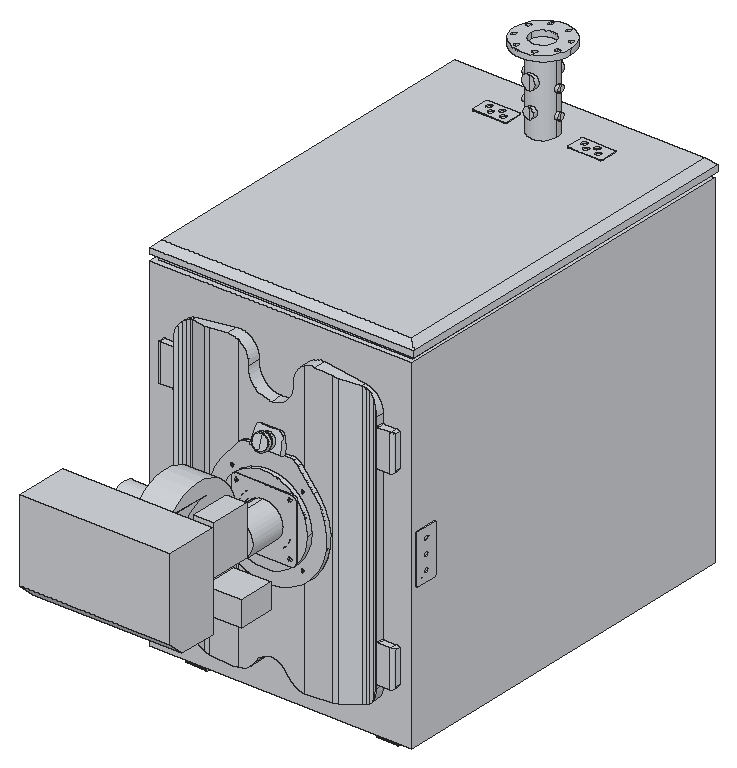
Revit family
Parameters
  Show Burner = yes
  Model = "TS-95-86"
  Manufacturer = "Burnham Commercial Boilers"
  Description = "MPC 8 Boiler"
  Burner = C1-GO-20A_MOD_UL : Low Detail
Reference planes (in)
  plane 1 "Center (Front/Back)": y = 0
  plane 2: z = 0
  plane 3 "Center (Left/Right)": x = 0
  plane 4 "Left": x = -21.14045
  plane 5 "Right": x = 21.18698
  plane 6 "Front": y = -52.42563
  plane 7 "Back": y = 8.46875
  plane 8 "Bottom": z = 1.9975
  plane 9 "Top 1": z = 57.31
  plane 10 "Top 2": z = 60.185
  plane 11 "Top 3": z = 73.625
Forms (in)
  Extrusion 1, solid
    sketch origin (0, 0, 0) x (1, 0, 0) y (0, 1, 0)
      loop
        line (-21.14045, 8.46875) -> (-21.14045, -52.42563) -> (21.18698, -52.42563) -> (21.18698, 8.46875) -> (-21.14045, 8.46875)
    from 57.31 to 60.185
  Sweep 2, void
    path origin (0, 0, 59.75) x (1, 0, 0) y (0, 1, 0)
      loop
        line (-21.14045, -52.42563) -> (21.18698, -52.42563) -> (21.18698, 8.46875) -> (-21.14045, 8.46875) -> (-21.14045, -52.42563)
    profile origin (-21.14045, -21.97844, 59.75) x (-1, 0, 0) y (0, 0, 1)
      loop
        line (0.04673, 0.435) -> (-1.0993, 0.435) -> (0.04673, -0.67171) -> (0.04673, 0.435)
      loop
        line (0.04673, -1.565) -> (-0.85445, -1.565) -> (-0.85445, -2.44) -> (0.04673, -2.44) -> (0.04673, -1.565)
  Extrusion 3, solid
    sketch origin (0, 0, 0) x (1, 0, 0) y (0, 1, 0)
      loop
        circle (0, 0) r 2.285
    from 60.185 to 72.375
  Extrusion 4, solid
    sketch origin (0, 0, 0) x (1, 0, 0) y (0, 1, 0)
      loop
        circle (0, 0) r 4.5
    from 72.745 to 73.625
  Extrusion 5, solid
    sketch origin (0, 0, 0) x (1, 0, 0) y (0, 1, 0)
      loop
        line (-21, 8.26109) -> (-21, -52.42563) -> (21, -52.42563) -> (21, 8.26109) -> (-21, 8.26109)
    from 1.9975 to 57.31
  Extrusion 6, solid
    sketch origin (0, -27.03006, 0) x (0, 1, 0) y (0, 0, 1)
      loop
        line (-22.00296, 1.9975) -> (-22.03008, 1.57834)
        arc (-22.03008, 1.57834) -> (-22.07501, 1.39852) -> (-22.18046, 1.24609) r 0.51709
        line (-22.18046, 1.24609) -> (-22.79508, 0.63147)
        arc (-22.79508, 0.63147) -> (-22.89919, 0.55119) -> (-23.02029, 0.5) r 0.51299
        arc (-23.02029, 0.5) -> (-23.16259, 0.44106) -> (-23.22153, 0.29876) r 0.20124
        line (-23.22153, 0.29876) -> (-23.22153, 0.12275)
        arc (-23.22153, 0.12275) -> (-23.18558, 0.03595) -> (-23.09878, 0) r 0.12275
        line (-23.09878, 0) -> (-18.8952, 0) -> (-18.08816, 1.9975) -> (-22.00296, 1.9975)
    from 13.64682 to 17.0625
  Extrusion 7, solid, not visible
    sketch origin (0, 0, 0) x (0, 1, 0) y (0, 0, 1)
      loop
        line (-22.00296, 1.9975) -> (-22.03008, 1.57834)
        arc (-22.03008, 1.57834) -> (-22.07501, 1.39852) -> (-22.18046, 1.24609) r 0.51709
        line (-22.18046, 1.24609) -> (-22.79508, 0.63147)
        arc (-22.79508, 0.63147) -> (-22.89919, 0.55119) -> (-23.02029, 0.5) r 0.51299
        arc (-23.02029, 0.5) -> (-23.16259, 0.44106) -> (-23.22153, 0.29876) r 0.20124
        line (-23.22153, 0.29876) -> (-23.22153, 0.12275)
        arc (-23.22153, 0.12275) -> (-23.18558, 0.03595) -> (-23.09878, 0) r 0.12275
        line (-23.09878, 0) -> (-18.8952, 0) -> (-18.08816, 1.9975) -> (-22.00296, 1.9975)
    from 13.64682 to 17.0625
  Extrusion 8, solid
    sketch origin (0, -20.42056, 0) x (0, -1, 0) y (0, 0, 1)
      loop
        line (28.61247, 1.9975) -> (24.69766, 1.9975) -> (25.5047, 0) -> (29.70829, 0)
        arc (29.70829, 0) -> (29.79508, 0.03595) -> (29.83103, 0.12275) r 0.12275
        line (29.83103, 0.12275) -> (29.83103, 0.29876)
        arc (29.83103, 0.29876) -> (29.77209, 0.44106) -> (29.62979, 0.5) r 0.20124
        arc (29.62979, 0.5) -> (29.50869, 0.55119) -> (29.40458, 0.63147) r 0.51299
        line (29.40458, 0.63147) -> (28.78996, 1.24609)
        arc (28.78996, 1.24609) -> (28.68451, 1.39852) -> (28.63959, 1.57834) r 0.51709
        line (28.63959, 1.57834) -> (28.61247, 1.9975)
    from 13.64682 to 17.0625
  Extrusion 9, solid
    sketch origin (0, 20.42056, 0) x (0, 1, 0) y (0, 0, 1)
      loop
        line (-18.83816, 1.9975) -> (-22.75296, 1.9975) -> (-21.94592, 0) -> (-17.74234, 0)
        arc (-17.74234, 0) -> (-17.65554, 0.03595) -> (-17.61959, 0.12275) r 0.12275
        line (-17.61959, 0.12275) -> (-17.61959, 0.29876)
        arc (-17.61959, 0.29876) -> (-17.67853, 0.44106) -> (-17.82083, 0.5) r 0.20124
        arc (-17.82083, 0.5) -> (-17.94193, 0.55119) -> (-18.04604, 0.63147) r 0.51299
        line (-18.04604, 0.63147) -> (-18.66067, 1.24609)
        arc (-18.66067, 1.24609) -> (-18.76612, 1.39852) -> (-18.81104, 1.57834) r 0.51709
        line (-18.81104, 1.57834) -> (-18.83816, 1.9975)
    from 13.64682 to 17.0625
  Extrusion 10, solid
    sketch origin (0, -20.42056, 0) x (0, -1, 0) y (0, 0, 1)
      loop
        line (-22.00296, 1.9975) -> (-22.03008, 1.57834)
        arc (-22.03008, 1.57834) -> (-22.07501, 1.39852) -> (-22.18046, 1.24609) r 0.51709
        line (-22.18046, 1.24609) -> (-22.79508, 0.63147)
        arc (-22.79508, 0.63147) -> (-22.89919, 0.55119) -> (-23.02029, 0.5) r 0.51299
        arc (-23.02029, 0.5) -> (-23.16259, 0.44106) -> (-23.22153, 0.29876) r 0.20124
        line (-23.22153, 0.29876) -> (-23.22153, 0.12275)
        arc (-23.22153, 0.12275) -> (-23.18558, 0.03595) -> (-23.09878, 0) r 0.12275
        line (-23.09878, 0) -> (-18.8952, 0) -> (-18.08816, 1.9975) -> (-22.00296, 1.9975)
    from 13.64682 to 17.0625
  Extrusion 11, solid
    sketch origin (0, 67.67854, 0) x (0, 1, 0) y (0, 0, 1)
      loop
        line (-83.49998, 1.9975) -> (-82.73322, 0) -> (-79.73322, 0) -> (-79.04542, 1.9975) -> (-83.49998, 1.9975)
    from 13.64682 to 17.0625
  Extrusion 12, solid, not visible
    sketch origin (0, 67.67854, 0) x (0, 1, 0) y (0, 0, 1)
      loop
        line (-83.49998, 1.9975) -> (-82.73322, 0) -> (-79.73322, 0) -> (-79.04542, 1.9975) -> (-83.49998, 1.9975)
    from 13.64682 to 17.0625
  Extrusion 13, solid
    sketch origin (0, 74.44395, 0) x (0, 1, 0) y (0, 0, 1)
      loop
        line (-83.49998, 1.9975) -> (-82.73322, 0) -> (-79.73322, 0) -> (-79.04542, 1.9975) -> (-83.49998, 1.9975)
    from 13.64682 to 17.0625
  Extrusion 14, solid
    sketch origin (0, -13.53082, 0) x (0, -1, 0) y (0, 0, 1)
      loop
        line (2.29062, 1.9975) -> (-2.16394, 1.9975) -> (-1.47615, 0) -> (1.52385, 0) -> (2.29062, 1.9975)
    from 13.64682 to 17.0625
  Extrusion 15, solid
    sketch origin (0, -6.76541, 0) x (0, -1, 0) y (0, 0, 1)
      loop
        line (2.29062, 1.9975) -> (-2.16394, 1.9975) -> (-1.47615, 0) -> (1.52385, 0) -> (2.29062, 1.9975)
    from 13.64682 to 17.0625
  Extrusion 16, solid
    sketch origin (0, 0, -1.5) x (1, 0, 0) y (0, 1, 0)
      loop
        circle (0, 0) r 2.655
    from 73.875 to 74.245
  Extrusion 17, void
    sketch origin (0, 0, 0) x (1, 0, 0) y (0, 1, 0)
      loop
        circle (0, 0) r 2
    from 60.185 to 73.685
  Extrusion 18, void
    sketch origin (0, 0, 0) x (1, 0, 0) y (0, 1, 0)
      loop
        circle (-1.43525, 3.46364) r 0.37482
    from 72.375 to 73.685
  Extrusion 19, void
    sketch origin (2.87291, 0, 0) x (1, 0, 0) y (0, 1, 0)
      loop
        circle (-1.43525, 3.46364) r 0.37482
    from 72.375 to 73.685
  Extrusion 20, void
    sketch origin (-2.0293, -2.02839, 0) x (1, 0, 0) y (0, 1, 0)
      loop
        circle (-1.43525, 3.46364) r 0.37482
    from 72.375 to 73.685
  Extrusion 21, void
    sketch origin (-2.0293, -4.89852, 0) x (1, 0, 0) y (0, 1, 0)
      loop
        circle (-1.43525, 3.46364) r 0.37482
    from 72.375 to 73.685
  Extrusion 22, void
    sketch origin (0.00018, -6.928, 0) x (1, 0, 0) y (0, 1, 0)
      loop
        circle (-1.43525, 3.46364) r 0.37482
    from 72.375 to 73.685
  Extrusion 23, void
    sketch origin (2.87031, -6.928, 0) x (1, 0, 0) y (0, 1, 0)
      loop
        circle (-1.43525, 3.46364) r 0.37482
    from 72.375 to 73.685
  Extrusion 24, void
    sketch origin (4.8998, -4.89852, 0) x (1, 0, 0) y (0, 1, 0)
      loop
        circle (-1.43525, 3.46364) r 0.37482
    from 72.375 to 73.685
  Extrusion 25, void
    sketch origin (4.8998, -2.02839, 0) x (1, 0, 0) y (0, 1, 0)
      loop
        circle (-1.43525, 3.46364) r 0.37482
    from 72.375 to 73.685
  Extrusion 26, solid
    sketch origin (0, 0, 0) x (1, 0, 0) y (0, 0, 1)
      loop
        circle (0, 29) r 7
    from -10.11351 to -8.26109
  Extrusion 27, solid
    sketch origin (0.00197, -59.60366, 48.99101) x (0, 0, -1) y (-1, 0, 0)
      loop
        circle (0, 0) r 2.285
    from 67.79742 to 72.375
  Extrusion 28, solid
    sketch origin (0.00197, -59.60366, 48.99101) x (0, 0, -1) y (-1, 0, 0)
      loop
        circle (0, 0) r 4.5
    from 72.745 to 73.625
  Extrusion 29, solid
    sketch origin (0.00197, -61.10366, 48.99101) x (0, 0, -1) y (-1, 0, 0)
      loop
        circle (0, 0) r 2.655
    from 73.875 to 74.245
  Extrusion 30, void
    sketch origin (0.00197, -59.60366, 48.99101) x (0, 0, -1) y (-1, 0, 0)
      loop
        circle (0, 0) r 2
    from 67.79742 to 73.685
  Extrusion 31, void
    sketch origin (0.00197, -59.60366, 48.99101) x (0, 0, -1) y (-1, 0, 0)
      loop
        circle (-1.43525, 3.46364) r 0.37482
    from 72.375 to 73.685
  Extrusion 32, void
    sketch origin (0.00197, -59.60366, 46.1181) x (0, 0, -1) y (-1, 0, 0)
      loop
        circle (-1.43525, 3.46364) r 0.37482
    from 72.375 to 73.685
  Extrusion 33, void
    sketch origin (2.03036, -59.60366, 51.02031) x (0, 0, -1) y (-1, 0, 0)
      loop
        circle (-1.43525, 3.46364) r 0.37482
    from 72.375 to 73.685
  Extrusion 34, void
    sketch origin (4.90048, -59.60366, 51.02031) x (0, 0, -1) y (-1, 0, 0)
      loop
        circle (-1.43525, 3.46364) r 0.37482
    from 72.375 to 73.685
  Extrusion 35, void
    sketch origin (6.92997, -59.60366, 48.99082) x (0, 0, -1) y (-1, 0, 0)
      loop
        circle (-1.43525, 3.46364) r 0.37482
    from 72.375 to 73.685
  Extrusion 36, void
    sketch origin (6.92997, -59.60366, 46.1207) x (0, 0, -1) y (-1, 0, 0)
      loop
        circle (-1.43525, 3.46364) r 0.37482
    from 72.375 to 73.685
  Extrusion 37, void
    sketch origin (4.90048, -59.60366, 44.09121) x (0, 0, -1) y (-1, 0, 0)
      loop
        circle (-1.43525, 3.46364) r 0.37482
    from 72.375 to 73.685
  Extrusion 38, void
    sketch origin (2.03036, -59.60366, 44.09121) x (0, 0, -1) y (-1, 0, 0)
      loop
        circle (-1.43525, 3.46364) r 0.37482
    from 72.375 to 73.685
  Extrusion 39, solid, not visible
    sketch origin (34, 0, 0) x (1, 0, 0) y (0, 1, 0)
      loop
        circle (0, 0) r 2.285
    from 67.79742 to 72.375
  Extrusion 40, solid, not visible
    sketch origin (34, 0, 0) x (1, 0, 0) y (0, 1, 0)
      loop
        circle (0, 0) r 4.5
    from 72.745 to 73.625
  Extrusion 41, solid, not visible
    sketch origin (34, 0, -1.5) x (1, 0, 0) y (0, 1, 0)
      loop
        circle (0, 0) r 2.655
    from 73.875 to 74.245
  Extrusion 42, void, not visible
    sketch origin (34, 0, 0) x (1, 0, 0) y (0, 1, 0)
      loop
        circle (0, 0) r 2
    from 67.79742 to 73.685
  Extrusion 43, void, not visible
    sketch origin (34, 0, 0) x (1, 0, 0) y (0, 1, 0)
      loop
        circle (-1.43525, 3.46364) r 0.37482
    from 72.375 to 73.685
  Extrusion 44, void, not visible
    sketch origin (36.87291, 0, 0) x (1, 0, 0) y (0, 1, 0)
      loop
        circle (-1.43525, 3.46364) r 0.37482
    from 72.375 to 73.685
  Extrusion 45, void, not visible
    sketch origin (31.9707, -2.02839, 0) x (1, 0, 0) y (0, 1, 0)
      loop
        circle (-1.43525, 3.46364) r 0.37482
    from 72.375 to 73.685
  Extrusion 46, void, not visible
    sketch origin (31.9707, -4.89852, 0) x (1, 0, 0) y (0, 1, 0)
      loop
        circle (-1.43525, 3.46364) r 0.37482
    from 72.375 to 73.685
  Extrusion 47, void, not visible
    sketch origin (34.00018, -6.928, 0) x (1, 0, 0) y (0, 1, 0)
      loop
        circle (-1.43525, 3.46364) r 0.37482
    from 72.375 to 73.685
  Extrusion 48, void, not visible
    sketch origin (36.87031, -6.928, 0) x (1, 0, 0) y (0, 1, 0)
      loop
        circle (-1.43525, 3.46364) r 0.37482
    from 72.375 to 73.685
  Extrusion 49, void, not visible
    sketch origin (38.8998, -4.89852, 0) x (1, 0, 0) y (0, 1, 0)
      loop
        circle (-1.43525, 3.46364) r 0.37482
    from 72.375 to 73.685
  Extrusion 50, void, not visible
    sketch origin (38.8998, -2.02839, 0) x (1, 0, 0) y (0, 1, 0)
      loop
        circle (-1.43525, 3.46364) r 0.37482
    from 72.375 to 73.685
  Revolve 51, solid
    sketch origin (0, 0, 0) x (0, 1, 0) y (0, 0, 1)
      loop
        line (8.60476, 7.34993) -> (8.26109, 7.34993) -> (8.26109, 7.24947) -> (8.60476, 7.24947) -> (8.60476, 7.34993)
      axis (8.60476, 5.65946) -> (8.26109, 5.65946)
    angle from 0 to 360
  Revolve 52, solid
    sketch origin (0, 0, 0) x (0, 1, 0) y (0, 0, 1)
      loop
        line (9.8257, 51.27691) -> (9.8257, 52.26618) -> (9.3342, 52.26618) -> (9.3342, 52.03856) -> (9.4267, 52.03856) -> (9.4267, 51.86382) -> (9.28848, 51.86382) -> (9.28848, 51.27691) -> (9.8257, 51.27691)
      axis (9.8257, 52.26618) -> (9.8257, 51.27691)
    angle from 0 to 360
  Revolve 53, solid, not visible
    sketch origin (82.99101, 0.00197, 59.60366) x (0, 0, 1) y (-1, 0, 0)
      loop
        line (9.8257, 51.27691) -> (9.8257, 52.26618) -> (9.3342, 52.26618) -> (9.3342, 52.03856) -> (9.4267, 52.03856) -> (9.4267, 51.86382) -> (9.28848, 51.86382) -> (9.28848, 51.27691) -> (9.8257, 51.27691)
      axis (9.8257, 52.26618) -> (9.8257, 51.27691)
    angle from 0 to 360
  Revolve 54, solid
    sketch origin (0, 0, 97.97165) x (0, 1, 0) y (0, 0, -1)
      loop
        line (9.8257, 51.27691) -> (9.8257, 52.26618) -> (9.3342, 52.26618) -> (9.3342, 52.03856) -> (9.4267, 52.03856) -> (9.4267, 51.86382) -> (9.28848, 51.86382) -> (9.28848, 51.27691) -> (9.8257, 51.27691)
      axis (9.8257, 52.26618) -> (9.8257, 51.27691)
    angle from 0 to 360
  Revolve 55, solid, not visible
    sketch origin (-14.98064, 0.00197, 59.60366) x (0, 0, 1) y (-1, 0, 0)
      loop
        line (9.8257, -51.27691) -> (9.28848, -51.27691) -> (9.28848, -51.86382) -> (9.4267, -51.86382) -> (9.4267, -52.03856) -> (9.3342, -52.03856) -> (9.3342, -52.26618) -> (9.8257, -52.26618) -> (9.8257, -51.27691)
      axis (9.8257, -52.26618) -> (9.8257, -51.27691)
    angle from 0 to 360
  Revolve 56, solid
    sketch origin (-49.39118, 0, 77.29947) x (0, 0, -1) y (1, 0, 0)
      loop
        line (9.98626, 51.64118) -> (9.98626, 52.26618) -> (9.43845, 52.26618) -> (9.43845, 51.64118) -> (9.98626, 51.64118)
      axis (9.98626, 52.26618) -> (9.98626, 51.64118)
    angle from 0 to 360
  Extrusion 57, solid, not visible
    sketch origin (0, 0, 0) x (1, 0, 0) y (0, 1, 0)
      loop
        circle (0, 0) r 2.285
    from 60.185 to 72.375
  Extrusion 58, solid, not visible
    sketch origin (0, 0, 0) x (1, 0, 0) y (0, 1, 0)
      loop
        circle (0, 0) r 4.5
    from 72.745 to 73.625
  Extrusion 59, solid, not visible
    sketch origin (0, 0, -1.5) x (1, 0, 0) y (0, 1, 0)
      loop
        circle (0, 0) r 2.655
    from 73.875 to 74.245
  Extrusion 60, void, not visible
    sketch origin (0, 0, 0) x (1, 0, 0) y (0, 1, 0)
      loop
        circle (0, 0) r 2
    from 60.185 to 73.685
  Extrusion 61, void, not visible
    sketch origin (0, 0, 0) x (1, 0, 0) y (0, 1, 0)
      loop
        circle (-1.43525, 3.46364) r 0.37482
    from 72.375 to 73.685
  Extrusion 62, void, not visible
    sketch origin (2.87291, 0, 0) x (1, 0, 0) y (0, 1, 0)
      loop
        circle (-1.43525, 3.46364) r 0.37482
    from 72.375 to 73.685
  Extrusion 63, void, not visible
    sketch origin (-2.0293, -2.02839, 0) x (1, 0, 0) y (0, 1, 0)
      loop
        circle (-1.43525, 3.46364) r 0.37482
    from 72.375 to 73.685
  Extrusion 64, void, not visible
    sketch origin (-2.0293, -4.89852, 0) x (1, 0, 0) y (0, 1, 0)
      loop
        circle (-1.43525, 3.46364) r 0.37482
    from 72.375 to 73.685
  Extrusion 65, void, not visible
    sketch origin (0.00018, -6.928, 0) x (1, 0, 0) y (0, 1, 0)
      loop
        circle (-1.43525, 3.46364) r 0.37482
    from 72.375 to 73.685
  Extrusion 66, void, not visible
    sketch origin (2.87031, -6.928, 0) x (1, 0, 0) y (0, 1, 0)
      loop
        circle (-1.43525, 3.46364) r 0.37482
    from 72.375 to 73.685
  Extrusion 67, void, not visible
    sketch origin (4.8998, -4.89852, 0) x (1, 0, 0) y (0, 1, 0)
      loop
        circle (-1.43525, 3.46364) r 0.37482
    from 72.375 to 73.685
  Extrusion 68, void, not visible
    sketch origin (4.8998, -2.02839, 0) x (1, 0, 0) y (0, 1, 0)
      loop
        circle (-1.43525, 3.46364) r 0.37482
    from 72.375 to 73.685
  Revolve 69, solid, not visible
    sketch origin (-49.39118, 0, 77.29947) x (0, 0, -1) y (1, 0, 0)
      loop
        line (9.98626, 51.64118) -> (9.98626, 52.26618) -> (9.43845, 52.26618) -> (9.43845, 51.64118) -> (9.98626, 51.64118)
      axis (9.98626, 52.26618) -> (9.98626, 51.64118)
    angle from 0 to 360
  Revolve 70, solid
    sketch origin (-49.39118, 0, 73.31678) x (0, 0, -1) y (1, 0, 0)
      loop
        line (9.98626, 51.64118) -> (9.98626, 52.26618) -> (9.43845, 52.26618) -> (9.43845, 51.64118) -> (9.98626, 51.64118)
      axis (9.98626, 52.26618) -> (9.98626, 51.64118)
    angle from 0 to 360
  Revolve 71, solid
    sketch origin (49.39118, 0, 78.04947) x (0, 0, -1) y (1, 0, 0)
      loop
        line (9.98626, -51.64118) -> (9.43845, -51.64118) -> (9.43845, -52.26618) -> (9.98626, -52.26618) -> (9.98626, -51.64118)
      axis (9.98626, -52.26618) -> (9.98626, -51.64118)
    angle from 0 to 360
  Revolve 72, solid
    sketch origin (49.39118, 0, 74.08072) x (0, 0, -1) y (1, 0, 0)
      loop
        line (9.98626, -51.64118) -> (9.43845, -51.64118) -> (9.43845, -52.26618) -> (9.98626, -52.26618) -> (9.98626, -51.64118)
      axis (9.98626, -52.26618) -> (9.98626, -51.64118)
    angle from 0 to 360
  Revolve 73, solid, not visible
    sketch origin (-49.39118, 0, 73.31678) x (0, 0, -1) y (1, 0, 0)
      loop
        line (9.98626, 51.64118) -> (9.98626, 52.26618) -> (9.43845, 52.26618) -> (9.43845, 51.64118) -> (9.98626, 51.64118)
      axis (9.98626, 52.26618) -> (9.98626, 51.64118)
    angle from 0 to 360
  Revolve 74, solid, not visible
    sketch origin (49.39118, 0, 78.04947) x (0, 0, -1) y (1, 0, 0)
      loop
        line (9.98626, -51.64118) -> (9.43845, -51.64118) -> (9.43845, -52.26618) -> (9.98626, -52.26618) -> (9.98626, -51.64118)
      axis (9.98626, -52.26618) -> (9.98626, -51.64118)
    angle from 0 to 360
  Revolve 75, solid, not visible
    sketch origin (49.39118, 0, 74.08072) x (0, 0, -1) y (1, 0, 0)
      loop
        line (9.98626, -51.64118) -> (9.43845, -51.64118) -> (9.43845, -52.26618) -> (9.98626, -52.26618) -> (9.98626, -51.64118)
      axis (9.98626, -52.26618) -> (9.98626, -51.64118)
    angle from 0 to 360
  Revolve 76, solid
    sketch origin (0, 0, 0) x (0, 1, 0) y (0, 0, 1)
      loop
        line (-2.87887, 68.49557) -> (-2.25302, 68.49557) -> (-2.25302, 69.60206) -> (-2.87887, 69.60206) -> (-2.87887, 68.49557)
      axis (-2.87887, 68.49557) -> (-2.25302, 68.49557)
    angle from 0 to 360
  Revolve 77, solid
    sketch origin (0, 0, 0) x (0, -1, 0) y (0, 0, 1)
      loop
        line (-2.87887, 68.49557) -> (-2.25302, 68.49557) -> (-2.25302, 69.60206) -> (-2.87887, 69.60206) -> (-2.87887, 68.49557)
      axis (-2.87887, 68.49557) -> (-2.25302, 68.49557)
    angle from 0 to 360
  Revolve 78, solid
    sketch origin (0, 0, 0) x (0, 1, 0) y (0, 0, 1)
      loop
        line (2.87887, 65.35057) -> (2.2777, 65.35057) -> (2.2777, 64.81335) -> (2.87887, 64.81335) -> (2.87887, 65.35057)
      axis (2.87887, 64.81335) -> (2.2777, 64.81335)
    angle from 0 to 360
  Revolve 79, solid
    sketch origin (0, 0, -0.75) x (0, -1, 0) y (0, 0, 1)
      loop
        line (2.87887, 65.65709) -> (2.2777, 65.65709) -> (2.2777, 64.81335) -> (2.87887, 64.81335) -> (2.87887, 65.65709)
      axis (2.87887, 64.81335) -> (2.2777, 64.81335)
    angle from 0 to 360
  Revolve 80, solid, not visible
    sketch origin (0, 0, 0) x (0, 1, 0) y (0, 0, 1)
      loop
        line (-2.87887, 68.49557) -> (-2.25302, 68.49557) -> (-2.25302, 69.60206) -> (-2.87887, 69.60206) -> (-2.87887, 68.49557)
      axis (-2.87887, 68.49557) -> (-2.25302, 68.49557)
    angle from 0 to 360
  Revolve 81, solid, not visible
    sketch origin (0, 0, 0) x (0, -1, 0) y (0, 0, 1)
      loop
        line (-2.87887, 68.49557) -> (-2.25302, 68.49557) -> (-2.25302, 69.60206) -> (-2.87887, 69.60206) -> (-2.87887, 68.49557)
      axis (-2.87887, 68.49557) -> (-2.25302, 68.49557)
    angle from 0 to 360
  Revolve 82, solid, not visible
    sketch origin (0, 0, 0) x (0, 1, 0) y (0, 0, 1)
      loop
        line (2.87887, 65.35057) -> (2.2777, 65.35057) -> (2.2777, 64.81335) -> (2.87887, 64.81335) -> (2.87887, 65.35057)
      axis (2.87887, 64.81335) -> (2.2777, 64.81335)
    angle from 0 to 360
  Revolve 83, solid, not visible
    sketch origin (0, 0, -0.75) x (0, -1, 0) y (0, 0, 1)
      loop
        line (2.87887, 65.65709) -> (2.2777, 65.65709) -> (2.2777, 64.81335) -> (2.87887, 64.81335) -> (2.87887, 65.65709)
      axis (2.87887, 64.81335) -> (2.2777, 64.81335)
    angle from 0 to 360
  Extrusion 84, solid
    sketch origin (0, 0, 0) x (1, 0, 0) y (0, 0, 1)
      loop
        line (12.03125, 12.78125) -> (5.03125, 12.78125)
        arc (5.03125, 12.78125) -> (4.12527, 12.40598) -> (3.75, 11.5) r 1.28125
        line (3.75, 11.5) -> (3.75, 11.3382)
        spline (3.75, 11.3382) -> (3.74852, 11.31103) -> (3.74409, 11.28419) -> (3.73678, 11.25799) -> (3.72665, 11.23276) -> (3.71384, 11.20879) -> (3.6985, 11.18635) -> (3.6808, 11.16573) -> (3.66096, 11.14715) -> (3.6392, 11.13084) -> (3.6158, 11.11699) -> (3.59102, 11.10577) -> (3.56516, 11.09731)
        line (3.56516, 11.09731) -> (3.06117, 10.96226)
        spline (3.06117, 10.96226) -> (3.04824, 10.95803) -> (3.03585, 10.95242) -> (3.02415, 10.9455) -> (3.01327, 10.93734) -> (3.00335, 10.92805) -> (2.9945, 10.91774) -> (2.98683, 10.90652) -> (2.98042, 10.89454) -> (2.97536, 10.88192) -> (2.9717, 10.86882) -> (2.96949, 10.8554) -> (2.96875, 10.84182)
        line (2.96875, 10.84182) -> (2.96875, 10.68727)
        spline (2.96875, 10.68727) -> (2.96981, 10.67095) -> (2.97298, 10.65492) -> (2.9782, 10.63945) -> (2.98539, 10.62482) -> (2.99441, 10.61125) -> (3.00513, 10.59899) -> (3.01735, 10.58824) -> (3.03088, 10.57919) -> (3.04547, 10.57198) -> (3.06089, 10.56674) -> (3.07687, 10.56356) -> (3.09314, 10.5625)
        line (3.09314, 10.5625) -> (3.4375, 10.5625)
        arc (3.4375, 10.5625) -> (3.625, 10.375) -> (3.4375, 10.1875) r 0.1875
        line (3.4375, 10.1875) -> (3.09314, 10.1875)
        spline (3.09314, 10.1875) -> (3.07687, 10.18643) -> (3.06089, 10.18326) -> (3.04547, 10.17802) -> (3.03088, 10.17081) -> (3.01735, 10.16176) -> (3.00513, 10.15101) -> (2.99441, 10.13875) -> (2.98539, 10.12518) -> (2.9782, 10.11054) -> (2.97298, 10.09508) -> (2.96981, 10.07905) -> (2.96875, 10.06273)
        line (2.96875, 10.06273) -> (2.96875, 9.90818)
        spline (2.96875, 9.90818) -> (2.96949, 9.8946) -> (2.9717, 9.88117) -> (2.97536, 9.86808) -> (2.98042, 9.85546) -> (2.98683, 9.84348) -> (2.9945, 9.83226) -> (3.00335, 9.82195) -> (3.01327, 9.81266) -> (3.02415, 9.8045) -> (3.03585, 9.79758) -> (3.04824, 9.79197) -> (3.06117, 9.78773)
        line (3.06117, 9.78773) -> (3.57377, 9.65038)
        arc (3.57377, 9.65038) -> (3.69875, 9.57159) -> (3.75721, 9.43592) r 0.24939
        arc (3.75721, 9.43592) -> (4.03223, 8.76945) -> (4.62358, 8.35701) r 1.28125
        arc (4.62358, 8.35701) -> (8.53125, 7.71875) -> (12.43892, 8.35701) r 12.28125
        arc (12.43892, 8.35701) -> (13.03027, 8.76945) -> (13.30529, 9.43592) r 1.28125
        arc (13.30529, 9.43592) -> (13.36375, 9.57159) -> (13.48873, 9.65038) r 0.24939
        line (13.48873, 9.65038) -> (14.00133, 9.78773)
        spline (14.00133, 9.78773) -> (14.01426, 9.79197) -> (14.02665, 9.79758) -> (14.03835, 9.8045) -> (14.04923, 9.81266) -> (14.05915, 9.82195) -> (14.068, 9.83226) -> (14.07567, 9.84348) -> (14.08208, 9.85546) -> (14.08714, 9.86808) -> (14.0908, 9.88117) -> (14.09301, 9.8946) -> (14.09375, 9.90818)
        line (14.09375, 9.90818) -> (14.09375, 10.06273)
        spline (14.09375, 10.06273) -> (14.09269, 10.07905) -> (14.08952, 10.09508) -> (14.0843, 10.11054) -> (14.07711, 10.12518) -> (14.06809, 10.13875) -> (14.05737, 10.15101) -> (14.04515, 10.16176) -> (14.03162, 10.17081) -> (14.01703, 10.17802) -> (14.00161, 10.18326) -> (13.98563, 10.18643) -> (13.96936, 10.1875)
        line (13.96936, 10.1875) -> (13.625, 10.1875)
        arc (13.625, 10.1875) -> (13.4375, 10.375) -> (13.625, 10.5625) r 0.1875
        line (13.625, 10.5625) -> (13.96936, 10.5625)
        spline (13.96936, 10.5625) -> (13.98563, 10.56356) -> (14.00161, 10.56674) -> (14.01703, 10.57198) -> (14.03162, 10.57919) -> (14.04515, 10.58824) -> (14.05737, 10.59899) -> (14.06809, 10.61125) -> (14.07711, 10.62482) -> (14.0843, 10.63945) -> (14.08952, 10.65492) -> (14.09269, 10.67095) -> (14.09375, 10.68727)
        line (14.09375, 10.68727) -> (14.09375, 10.84182)
        spline (14.09375, 10.84182) -> (14.09301, 10.8554) -> (14.0908, 10.86882) -> (14.08714, 10.88192) -> (14.08208, 10.89454) -> (14.07567, 10.90652) -> (14.068, 10.91774) -> (14.05915, 10.92805) -> (14.04923, 10.93734) -> (14.03835, 10.9455) -> (14.02665, 10.95242) -> (14.01426, 10.95803) -> (14.00133, 10.96226)
        line (14.00133, 10.96226) -> (13.49734, 11.09731)
        spline (13.49734, 11.09731) -> (13.47148, 11.10577) -> (13.4467, 11.11699) -> (13.4233, 11.13084) -> (13.40154, 11.14715) -> (13.3817, 11.16573) -> (13.364, 11.18635) -> (13.34866, 11.20879) -> (13.33585, 11.23276) -> (13.32572, 11.25799) -> (13.31841, 11.28419) -> (13.31398, 11.31103) -> (13.3125, 11.3382)
        line (13.3125, 11.3382) -> (13.3125, 11.5)
        arc (13.3125, 11.5) -> (12.93723, 12.40598) -> (12.03125, 12.78125) r 1.28125
    from -8.86762 to -8.19376
  Blend 85, solid
    base sketch origin (0, 0, -0.07812) x (1, 0, 0) y (0, 0, 1)
      loop
        line (9.99103, 10.65524) -> (7.07147, 10.65524) -> (7.07147, 10.09476) -> (9.99103, 10.09476) -> (9.99103, 10.65524)
    top sketch origin (0, 0, -0.07812) x (1, 0, 0) y (0, 0, 1)
      loop
        line (9.33942, 10.47078) -> (7.72308, 10.47078) -> (7.72308, 10.27922) -> (9.33942, 10.27922) -> (9.33942, 10.47078)
    from -8.86762 to -9.86762
  Extrusion 86, solid, not visible
    sketch origin (0, 0, 0) x (1, 0, 0) y (0, 0, 1)
      loop
        line (12.03125, 12.78125) -> (5.03125, 12.78125)
        arc (5.03125, 12.78125) -> (4.12527, 12.40598) -> (3.75, 11.5) r 1.28125
        line (3.75, 11.5) -> (3.75, 11.3382)
        spline (3.75, 11.3382) -> (3.74852, 11.31103) -> (3.74409, 11.28419) -> (3.73678, 11.25799) -> (3.72665, 11.23276) -> (3.71384, 11.20879) -> (3.6985, 11.18635) -> (3.6808, 11.16573) -> (3.66096, 11.14715) -> (3.6392, 11.13084) -> (3.6158, 11.11699) -> (3.59102, 11.10577) -> (3.56516, 11.09731)
        line (3.56516, 11.09731) -> (3.06117, 10.96226)
        spline (3.06117, 10.96226) -> (3.04824, 10.95803) -> (3.03585, 10.95242) -> (3.02415, 10.9455) -> (3.01327, 10.93734) -> (3.00335, 10.92805) -> (2.9945, 10.91774) -> (2.98683, 10.90652) -> (2.98042, 10.89454) -> (2.97536, 10.88192) -> (2.9717, 10.86882) -> (2.96949, 10.8554) -> (2.96875, 10.84182)
        line (2.96875, 10.84182) -> (2.96875, 10.68727)
        spline (2.96875, 10.68727) -> (2.96981, 10.67095) -> (2.97298, 10.65492) -> (2.9782, 10.63945) -> (2.98539, 10.62482) -> (2.99441, 10.61125) -> (3.00513, 10.59899) -> (3.01735, 10.58824) -> (3.03088, 10.57919) -> (3.04547, 10.57198) -> (3.06089, 10.56674) -> (3.07687, 10.56356) -> (3.09314, 10.5625)
        line (3.09314, 10.5625) -> (3.4375, 10.5625)
        arc (3.4375, 10.5625) -> (3.625, 10.375) -> (3.4375, 10.1875) r 0.1875
        line (3.4375, 10.1875) -> (3.09314, 10.1875)
        spline (3.09314, 10.1875) -> (3.07687, 10.18643) -> (3.06089, 10.18326) -> (3.04547, 10.17802) -> (3.03088, 10.17081) -> (3.01735, 10.16176) -> (3.00513, 10.15101) -> (2.99441, 10.13875) -> (2.98539, 10.12518) -> (2.9782, 10.11054) -> (2.97298, 10.09508) -> (2.96981, 10.07905) -> (2.96875, 10.06273)
        line (2.96875, 10.06273) -> (2.96875, 9.90818)
        spline (2.96875, 9.90818) -> (2.96949, 9.8946) -> (2.9717, 9.88117) -> (2.97536, 9.86808) -> (2.98042, 9.85546) -> (2.98683, 9.84348) -> (2.9945, 9.83226) -> (3.00335, 9.82195) -> (3.01327, 9.81266) -> (3.02415, 9.8045) -> (3.03585, 9.79758) -> (3.04824, 9.79197) -> (3.06117, 9.78773)
        line (3.06117, 9.78773) -> (3.57377, 9.65038)
        arc (3.57377, 9.65038) -> (3.69875, 9.57159) -> (3.75721, 9.43592) r 0.24939
        arc (3.75721, 9.43592) -> (4.03223, 8.76945) -> (4.62358, 8.35701) r 1.28125
        arc (4.62358, 8.35701) -> (8.53125, 7.71875) -> (12.43892, 8.35701) r 12.28125
        arc (12.43892, 8.35701) -> (13.03027, 8.76945) -> (13.30529, 9.43592) r 1.28125
        arc (13.30529, 9.43592) -> (13.36375, 9.57159) -> (13.48873, 9.65038) r 0.24939
        line (13.48873, 9.65038) -> (14.00133, 9.78773)
        spline (14.00133, 9.78773) -> (14.01426, 9.79197) -> (14.02665, 9.79758) -> (14.03835, 9.8045) -> (14.04923, 9.81266) -> (14.05915, 9.82195) -> (14.068, 9.83226) -> (14.07567, 9.84348) -> (14.08208, 9.85546) -> (14.08714, 9.86808) -> (14.0908, 9.88117) -> (14.09301, 9.8946) -> (14.09375, 9.90818)
        line (14.09375, 9.90818) -> (14.09375, 10.06273)
        spline (14.09375, 10.06273) -> (14.09269, 10.07905) -> (14.08952, 10.09508) -> (14.0843, 10.11054) -> (14.07711, 10.12518) -> (14.06809, 10.13875) -> (14.05737, 10.15101) -> (14.04515, 10.16176) -> (14.03162, 10.17081) -> (14.01703, 10.17802) -> (14.00161, 10.18326) -> (13.98563, 10.18643) -> (13.96936, 10.1875)
        line (13.96936, 10.1875) -> (13.625, 10.1875)
        arc (13.625, 10.1875) -> (13.4375, 10.375) -> (13.625, 10.5625) r 0.1875
        line (13.625, 10.5625) -> (13.96936, 10.5625)
        spline (13.96936, 10.5625) -> (13.98563, 10.56356) -> (14.00161, 10.56674) -> (14.01703, 10.57198) -> (14.03162, 10.57919) -> (14.04515, 10.58824) -> (14.05737, 10.59899) -> (14.06809, 10.61125) -> (14.07711, 10.62482) -> (14.0843, 10.63945) -> (14.08952, 10.65492) -> (14.09269, 10.67095) -> (14.09375, 10.68727)
        line (14.09375, 10.68727) -> (14.09375, 10.84182)
        spline (14.09375, 10.84182) -> (14.09301, 10.8554) -> (14.0908, 10.86882) -> (14.08714, 10.88192) -> (14.08208, 10.89454) -> (14.07567, 10.90652) -> (14.068, 10.91774) -> (14.05915, 10.92805) -> (14.04923, 10.93734) -> (14.03835, 10.9455) -> (14.02665, 10.95242) -> (14.01426, 10.95803) -> (14.00133, 10.96226)
        line (14.00133, 10.96226) -> (13.49734, 11.09731)
        spline (13.49734, 11.09731) -> (13.47148, 11.10577) -> (13.4467, 11.11699) -> (13.4233, 11.13084) -> (13.40154, 11.14715) -> (13.3817, 11.16573) -> (13.364, 11.18635) -> (13.34866, 11.20879) -> (13.33585, 11.23276) -> (13.32572, 11.25799) -> (13.31841, 11.28419) -> (13.31398, 11.31103) -> (13.3125, 11.3382)
        line (13.3125, 11.3382) -> (13.3125, 11.5)
        arc (13.3125, 11.5) -> (12.93723, 12.40598) -> (12.03125, 12.78125) r 1.28125
    from -8.86762 to -8.19376
  Blend 87, solid, not visible
    base sketch origin (0, 0, -0.07812) x (1, 0, 0) y (0, 0, 1)
      loop
        line (9.99103, 10.65524) -> (7.07147, 10.65524) -> (7.07147, 10.09476) -> (9.99103, 10.09476) -> (9.99103, 10.65524)
    top sketch origin (0, 0, -0.07812) x (1, 0, 0) y (0, 0, 1)
      loop
        line (9.33942, 10.47078) -> (7.72308, 10.47078) -> (7.72308, 10.27922) -> (9.33942, 10.27922) -> (9.33942, 10.47078)
    from -8.86762 to -9.86762
  Extrusion 88, solid
    sketch origin (-17.0625, 0, 0) x (1, 0, 0) y (0, 0, 1)
      loop
        line (12.03125, 12.78125) -> (5.03125, 12.78125)
        arc (5.03125, 12.78125) -> (4.12527, 12.40598) -> (3.75, 11.5) r 1.28125
        line (3.75, 11.5) -> (3.75, 11.3382)
        spline (3.75, 11.3382) -> (3.74852, 11.31103) -> (3.74409, 11.28419) -> (3.73678, 11.25799) -> (3.72665, 11.23276) -> (3.71384, 11.20879) -> (3.6985, 11.18635) -> (3.6808, 11.16573) -> (3.66096, 11.14715) -> (3.6392, 11.13084) -> (3.6158, 11.11699) -> (3.59102, 11.10577) -> (3.56516, 11.09731)
        line (3.56516, 11.09731) -> (3.06117, 10.96226)
        spline (3.06117, 10.96226) -> (3.04824, 10.95803) -> (3.03585, 10.95242) -> (3.02415, 10.9455) -> (3.01327, 10.93734) -> (3.00335, 10.92805) -> (2.9945, 10.91774) -> (2.98683, 10.90652) -> (2.98042, 10.89454) -> (2.97536, 10.88192) -> (2.9717, 10.86882) -> (2.96949, 10.8554) -> (2.96875, 10.84182)
        line (2.96875, 10.84182) -> (2.96875, 10.68727)
        spline (2.96875, 10.68727) -> (2.96981, 10.67095) -> (2.97298, 10.65492) -> (2.9782, 10.63945) -> (2.98539, 10.62482) -> (2.99441, 10.61125) -> (3.00513, 10.59899) -> (3.01735, 10.58824) -> (3.03088, 10.57919) -> (3.04547, 10.57198) -> (3.06089, 10.56674) -> (3.07687, 10.56356) -> (3.09314, 10.5625)
        line (3.09314, 10.5625) -> (3.4375, 10.5625)
        arc (3.4375, 10.5625) -> (3.625, 10.375) -> (3.4375, 10.1875) r 0.1875
        line (3.4375, 10.1875) -> (3.09314, 10.1875)
        spline (3.09314, 10.1875) -> (3.07687, 10.18643) -> (3.06089, 10.18326) -> (3.04547, 10.17802) -> (3.03088, 10.17081) -> (3.01735, 10.16176) -> (3.00513, 10.15101) -> (2.99441, 10.13875) -> (2.98539, 10.12518) -> (2.9782, 10.11054) -> (2.97298, 10.09508) -> (2.96981, 10.07905) -> (2.96875, 10.06273)
        line (2.96875, 10.06273) -> (2.96875, 9.90818)
        spline (2.96875, 9.90818) -> (2.96949, 9.8946) -> (2.9717, 9.88117) -> (2.97536, 9.86808) -> (2.98042, 9.85546) -> (2.98683, 9.84348) -> (2.9945, 9.83226) -> (3.00335, 9.82195) -> (3.01327, 9.81266) -> (3.02415, 9.8045) -> (3.03585, 9.79758) -> (3.04824, 9.79197) -> (3.06117, 9.78773)
        line (3.06117, 9.78773) -> (3.57377, 9.65038)
        arc (3.57377, 9.65038) -> (3.69875, 9.57159) -> (3.75721, 9.43592) r 0.24939
        arc (3.75721, 9.43592) -> (4.03223, 8.76945) -> (4.62358, 8.35701) r 1.28125
        arc (4.62358, 8.35701) -> (8.53125, 7.71875) -> (12.43892, 8.35701) r 12.28125
        arc (12.43892, 8.35701) -> (13.03027, 8.76945) -> (13.30529, 9.43592) r 1.28125
        arc (13.30529, 9.43592) -> (13.36375, 9.57159) -> (13.48873, 9.65038) r 0.24939
        line (13.48873, 9.65038) -> (14.00133, 9.78773)
        spline (14.00133, 9.78773) -> (14.01426, 9.79197) -> (14.02665, 9.79758) -> (14.03835, 9.8045) -> (14.04923, 9.81266) -> (14.05915, 9.82195) -> (14.068, 9.83226) -> (14.07567, 9.84348) -> (14.08208, 9.85546) -> (14.08714, 9.86808) -> (14.0908, 9.88117) -> (14.09301, 9.8946) -> (14.09375, 9.90818)
        line (14.09375, 9.90818) -> (14.09375, 10.06273)
        spline (14.09375, 10.06273) -> (14.09269, 10.07905) -> (14.08952, 10.09508) -> (14.0843, 10.11054) -> (14.07711, 10.12518) -> (14.06809, 10.13875) -> (14.05737, 10.15101) -> (14.04515, 10.16176) -> (14.03162, 10.17081) -> (14.01703, 10.17802) -> (14.00161, 10.18326) -> (13.98563, 10.18643) -> (13.96936, 10.1875)
        line (13.96936, 10.1875) -> (13.625, 10.1875)
        arc (13.625, 10.1875) -> (13.4375, 10.375) -> (13.625, 10.5625) r 0.1875
        line (13.625, 10.5625) -> (13.96936, 10.5625)
        spline (13.96936, 10.5625) -> (13.98563, 10.56356) -> (14.00161, 10.56674) -> (14.01703, 10.57198) -> (14.03162, 10.57919) -> (14.04515, 10.58824) -> (14.05737, 10.59899) -> (14.06809, 10.61125) -> (14.07711, 10.62482) -> (14.0843, 10.63945) -> (14.08952, 10.65492) -> (14.09269, 10.67095) -> (14.09375, 10.68727)
        line (14.09375, 10.68727) -> (14.09375, 10.84182)
        spline (14.09375, 10.84182) -> (14.09301, 10.8554) -> (14.0908, 10.86882) -> (14.08714, 10.88192) -> (14.08208, 10.89454) -> (14.07567, 10.90652) -> (14.068, 10.91774) -> (14.05915, 10.92805) -> (14.04923, 10.93734) -> (14.03835, 10.9455) -> (14.02665, 10.95242) -> (14.01426, 10.95803) -> (14.00133, 10.96226)
        line (14.00133, 10.96226) -> (13.49734, 11.09731)
        spline (13.49734, 11.09731) -> (13.47148, 11.10577) -> (13.4467, 11.11699) -> (13.4233, 11.13084) -> (13.40154, 11.14715) -> (13.3817, 11.16573) -> (13.364, 11.18635) -> (13.34866, 11.20879) -> (13.33585, 11.23276) -> (13.32572, 11.25799) -> (13.31841, 11.28419) -> (13.31398, 11.31103) -> (13.3125, 11.3382)
        line (13.3125, 11.3382) -> (13.3125, 11.5)
        arc (13.3125, 11.5) -> (12.93723, 12.40598) -> (12.03125, 12.78125) r 1.28125
    from -8.86762 to -8.19376
  Blend 89, solid
    base sketch origin (-17.0625, 0, -0.07812) x (1, 0, 0) y (0, 0, 1)
      loop
        line (9.99103, 10.65524) -> (7.07147, 10.65524) -> (7.07147, 10.09476) -> (9.99103, 10.09476) -> (9.99103, 10.65524)
    top sketch origin (-17.0625, 0, -0.07812) x (1, 0, 0) y (0, 0, 1)
      loop
        line (9.33942, 10.47078) -> (7.72308, 10.47078) -> (7.72308, 10.27922) -> (9.33942, 10.27922) -> (9.33942, 10.47078)
    from -8.86762 to -9.86762
  Extrusion 90, solid
    sketch origin (0, -27.125, 0) x (0, 1, 0) y (0, 0, 1)
      loop
        arc (-24.50175, 32.89835) -> (-24.67869, 32.8251) -> (-24.75208, 32.64822) r 0.25034
        line (-24.75208, 32.64822) -> (-24.75208, 25.26288)
        arc (-24.75208, 25.26288) -> (-24.67861, 25.08592) -> (-24.50152, 25.01276) r 0.25034
        line (-24.50152, 25.01276) -> (-21.24715, 25.01276)
        arc (-21.24715, 25.01276) -> (-21.07025, 25.08619) -> (-20.99704, 25.26317) r 0.25034
        line (-20.99704, 25.26317) -> (-20.99704, 32.64793)
        arc (-20.99704, 32.64793) -> (-21.07033, 32.825) -> (-21.24738, 32.89835) r 0.25034
        line (-21.24738, 32.89835) -> (-24.50175, 32.89835)
      loop
        circle (-22.87456, 31.27116) r 0.43809
      loop
        circle (-21.81063, 31.95959) r 0.09388
      loop
        circle (-22.87456, 28.95555) r 0.43809
      loop
        circle (-22.87456, 26.63994) r 0.43809
      loop
        circle (-23.93849, 25.95152) r 0.09388
    from 21.18698 to 21.29839
  Extrusion 91, solid
    sketch origin (0, 0, 0) x (1, 0, 0) y (0, 1, 0)
      loop
        arc (-10.12502, 1.71875) -> (-10.3018, 1.64553) -> (-10.37502, 1.46875) r 0.25
        line (-10.37502, 1.46875) -> (-10.37502, -1.03125)
        arc (-10.37502, -1.03125) -> (-10.3018, -1.20803) -> (-10.12502, -1.28125) r 0.25
        line (-10.12502, -1.28125) -> (-5.12502, -1.28125)
        arc (-5.12502, -1.28125) -> (-4.94824, -1.20803) -> (-4.87502, -1.03125) r 0.25
        line (-4.87502, -1.03125) -> (-4.87502, 1.46875)
        arc (-4.87502, 1.46875) -> (-4.94824, 1.64553) -> (-5.12502, 1.71875) r 0.25
        line (-5.12502, 1.71875) -> (-10.12502, 1.71875)
      loop
        circle (-9.12502, 0.71875) r 0.4375
      loop
        circle (-7.12502, 0.71875) r 0.4375
      loop
        circle (-8.12502, -0.28125) r 0.4375
      loop
        circle (-6.12502, -0.28125) r 0.4375
    from 60.185 to 60.25187
  Extrusion 92, solid
    sketch origin (15.25, 0, 0) x (1, 0, 0) y (0, 1, 0)
      loop
        arc (-10.12502, 1.71875) -> (-10.3018, 1.64553) -> (-10.37502, 1.46875) r 0.25
        line (-10.37502, 1.46875) -> (-10.37502, -1.03125)
        arc (-10.37502, -1.03125) -> (-10.3018, -1.20803) -> (-10.12502, -1.28125) r 0.25
        line (-10.12502, -1.28125) -> (-5.12502, -1.28125)
        arc (-5.12502, -1.28125) -> (-4.94824, -1.20803) -> (-4.87502, -1.03125) r 0.25
        line (-4.87502, -1.03125) -> (-4.87502, 1.46875)
        arc (-4.87502, 1.46875) -> (-4.94824, 1.64553) -> (-5.12502, 1.71875) r 0.25
        line (-5.12502, 1.71875) -> (-10.12502, 1.71875)
      loop
        circle (-9.12502, 0.71875) r 0.4375
      loop
        circle (-7.12502, 0.71875) r 0.4375
      loop
        circle (-8.12502, -0.28125) r 0.4375
      loop
        circle (-6.12502, -0.28125) r 0.4375
    from 60.185 to 60.25187
  Extrusion 93, solid, not visible
    sketch origin (0, -15, 0) x (1, 0, 0) y (0, 0, 1)
      loop
        arc (-3.61428, 49.21852) -> (-4.52554, 51.70433) -> (-7.00072, 52.6441) r 3.1875
        arc (-7.00072, 52.6441) -> (-10.28605, 52.32116) -> (-13.5434, 51.78506) r 50.6875
        arc (-13.5434, 51.78506) -> (-15.53151, 50.59477) -> (-16.3125, 48.41316) r 3.4375
        line (-16.3125, 48.41316) -> (-16.3125, 47.1272)
        spline (-16.3125, 47.1272) -> (-16.31357, 47.1109) -> (-16.31674, 47.09488) -> (-16.32198, 47.07943) -> (-16.32919, 47.0648) -> (-16.33824, 47.05124) -> (-16.34899, 47.03899) -> (-16.36124, 47.02824) -> (-16.3748, 47.01919) -> (-16.38943, 47.01198) -> (-16.40488, 47.00674) -> (-16.4209, 47.00357) -> (-16.4372, 47.0025)
        line (-16.4372, 47.0025) -> (-18.50122, 47.0025)
        spline (-18.50122, 47.0025) -> (-18.56642, 46.99824) -> (-18.63047, 46.98553) -> (-18.69228, 46.96458) -> (-18.7508, 46.93576) -> (-18.80503, 46.89954) -> (-18.85406, 46.85656) -> (-18.89704, 46.80753) -> (-18.93326, 46.7533) -> (-18.96208, 46.69478) -> (-18.98303, 46.63297) -> (-18.99574, 46.56892) -> (-19, 46.50372)
        line (-19, 46.50372) -> (-19, 45.315) -> (-18.99264, 45.27669)
        spline (-18.99264, 45.27669) -> (-18.99182, 45.27174) -> (-18.99104, 45.26562) -> (-18.99031, 45.2584) -> (-18.98963, 45.25015) -> (-18.98902, 45.24096) -> (-18.98847, 45.23093) -> (-18.988, 45.22015) -> (-18.9876, 45.20874) -> (-18.98729, 45.19682) -> (-18.98707, 45.18451) -> (-18.98693, 45.17193) -> (-18.98689, 45.15923)
        line (-18.98689, 45.15923) -> (-18.98689, 43.72077)
        spline (-18.98689, 43.72077) -> (-18.98693, 43.70807) -> (-18.98707, 43.69549) -> (-18.98729, 43.68318) -> (-18.9876, 43.67126) -> (-18.988, 43.65985) -> (-18.98847, 43.64907) -> (-18.98902, 43.63904) -> (-18.98963, 43.62985) -> (-18.99031, 43.6216) -> (-18.99104, 43.61438) -> (-18.99182, 43.60826) -> (-18.99264, 43.60331)
        line (-18.99264, 43.60331) -> (-19, 43.565) -> (-19, 41.56378)
        spline (-19, 41.56378) -> (-18.99574, 41.49858) -> (-18.98303, 41.43453) -> (-18.96208, 41.37272) -> (-18.93326, 41.3142) -> (-18.89704, 41.25997) -> (-18.85406, 41.21094) -> (-18.80503, 41.16796) -> (-18.7508, 41.13175) -> (-18.69228, 41.10292) -> (-18.63047, 41.08197) -> (-18.56642, 41.06926) -> (-18.50122, 41.065)
        line (-18.50122, 41.065) -> (-16.43696, 41.065)
        spline (-16.43696, 41.065) -> (-16.42068, 41.06391) -> (-16.40469, 41.06071) -> (-16.38927, 41.05545) -> (-16.37466, 41.04823) -> (-16.36113, 41.03918) -> (-16.3489, 41.02843) -> (-16.33818, 41.01618) -> (-16.32915, 41.00263) -> (-16.32196, 40.98801) -> (-16.31673, 40.97258) -> (-16.31356, 40.95658) -> (-16.3125, 40.9403)
        line (-16.3125, 40.9403) -> (-16.3125, 16.1272)
        spline (-16.3125, 16.1272) -> (-16.31357, 16.1109) -> (-16.31674, 16.09488) -> (-16.32198, 16.07943) -> (-16.32919, 16.0648) -> (-16.33824, 16.05124) -> (-16.34899, 16.03899) -> (-16.36124, 16.02824) -> (-16.3748, 16.01919) -> (-16.38943, 16.01198) -> (-16.40488, 16.00674) -> (-16.4209, 16.00357) -> (-16.4372, 16.0025)
        line (-16.4372, 16.0025) -> (-18.50172, 16.0025)
        spline (-18.50172, 16.0025) -> (-18.56687, 15.99818) -> (-18.63087, 15.98542) -> (-18.69262, 15.96444) -> (-18.75109, 15.93559) -> (-18.80526, 15.89936) -> (-18.85423, 15.85638) -> (-18.89717, 15.80737) -> (-18.93334, 15.75315) -> (-18.96213, 15.69466) -> (-18.98305, 15.63289) -> (-18.99574, 15.56888) -> (-19, 15.50372)
        line (-19, 15.50372) -> (-19, 14.315) -> (-18.99264, 14.27669)
        spline (-18.99264, 14.27669) -> (-18.99182, 14.27174) -> (-18.99104, 14.26562) -> (-18.99031, 14.2584) -> (-18.98963, 14.25015) -> (-18.98902, 14.24096) -> (-18.98847, 14.23093) -> (-18.988, 14.22015) -> (-18.9876, 14.20874) -> (-18.98729, 14.19682) -> (-18.98707, 14.18451) -> (-18.98693, 14.17193) -> (-18.98689, 14.15923)
        line (-18.98689, 14.15923) -> (-18.98689, 12.72077)
        spline (-18.98689, 12.72077) -> (-18.98693, 12.70807) -> (-18.98707, 12.69549) -> (-18.98729, 12.68318) -> (-18.9876, 12.67126) -> (-18.988, 12.65985) -> (-18.98847, 12.64907) -> (-18.98902, 12.63904) -> (-18.98963, 12.62985) -> (-18.99031, 12.6216) -> (-18.99104, 12.61438) -> (-18.99182, 12.60826) -> (-18.99264, 12.60331)
        line (-18.99264, 12.60331) -> (-19, 12.565) -> (-19, 10.56378)
        spline (-19, 10.56378) -> (-18.99574, 10.49858) -> (-18.98303, 10.43453) -> (-18.96208, 10.37272) -> (-18.93326, 10.3142) -> (-18.89704, 10.25997) -> (-18.85406, 10.21094) -> (-18.80503, 10.16796) -> (-18.7508, 10.13175) -> (-18.69228, 10.10292) -> (-18.63047, 10.08197) -> (-18.56642, 10.06926) -> (-18.50122, 10.065)
        line (-18.50122, 10.065) -> (-16.43684, 10.065)
        spline (-16.43684, 10.065) -> (-16.42057, 10.06389) -> (-16.40459, 10.06068) -> (-16.38918, 10.05542) -> (-16.37459, 10.04819) -> (-16.36108, 10.03913) -> (-16.34886, 10.02839) -> (-16.33815, 10.01614) -> (-16.32913, 10.0026) -> (-16.32195, 9.98799) -> (-16.31673, 9.97256) -> (-16.31356, 9.95658) -> (-16.3125, 9.9403)
        line (-16.3125, 9.9403) -> (-16.3125, 9.46684)
        arc (-16.3125, 9.46684) -> (-15.53151, 7.28523) -> (-13.5434, 6.09495) r 3.4375
        arc (-13.5434, 6.09495) -> (-9.91075, 5.51099) -> (-6.2453, 5.19208) r 50.6875
        arc (-6.2453, 5.19208) -> (-3.98491, 5.70109) -> (-2.3142, 7.30643) r 4.3125
        arc (-2.3142, 7.30643) -> (-1.33236, 8.27398) -> (0, 8.6275) r 2.6875
        arc (0, 8.6275) -> (1.33236, 8.27398) -> (2.3142, 7.30643) r 2.6875
        arc (2.3142, 7.30643) -> (3.98491, 5.70109) -> (6.2453, 5.19208) r 4.3125
        arc (6.2453, 5.19208) -> (9.91075, 5.51099) -> (13.5434, 6.09495) r 50.6875
        arc (13.5434, 6.09495) -> (15.53151, 7.28523) -> (16.3125, 9.46684) r 3.4375
        line (16.3125, 9.46684) -> (16.3125, 9.9403)
        spline (16.3125, 9.9403) -> (16.31356, 9.95658) -> (16.31673, 9.97256) -> (16.32195, 9.98799) -> (16.32913, 10.0026) -> (16.33815, 10.01614) -> (16.34886, 10.02839) -> (16.36108, 10.03913) -> (16.37459, 10.04819) -> (16.38918, 10.05542) -> (16.40459, 10.06068) -> (16.42057, 10.06389) -> (16.43684, 10.065)
        line (16.43684, 10.065) -> (18.50122, 10.065)
        spline (18.50122, 10.065) -> (18.56642, 10.06926) -> (18.63047, 10.08197) -> (18.69228, 10.10292) -> (18.7508, 10.13175) -> (18.80503, 10.16796) -> (18.85406, 10.21094) -> (18.89704, 10.25997) -> (18.93326, 10.3142) -> (18.96208, 10.37272) -> (18.98303, 10.43453) -> (18.99574, 10.49858) -> (19, 10.56378)
        line (19, 10.56378) -> (19, 12.565) -> (18.99264, 12.60331)
        spline (18.99264, 12.60331) -> (18.99182, 12.60826) -> (18.99104, 12.61438) -> (18.99031, 12.6216) -> (18.98963, 12.62985) -> (18.98902, 12.63904) -> (18.98847, 12.64907) -> (18.988, 12.65985) -> (18.9876, 12.67126) -> (18.98729, 12.68318) -> (18.98707, 12.69549) -> (18.98693, 12.70807) -> (18.98689, 12.72077)
        line (18.98689, 12.72077) -> (18.98689, 14.15923)
        spline (18.98689, 14.15923) -> (18.98693, 14.17193) -> (18.98707, 14.18451) -> (18.98729, 14.19682) -> (18.9876, 14.20874) -> (18.988, 14.22015) -> (18.98847, 14.23093) -> (18.98902, 14.24096) -> (18.98963, 14.25015) -> (18.99031, 14.2584) -> (18.99104, 14.26562) -> (18.99182, 14.27174) -> (18.99264, 14.27669)
        line (18.99264, 14.27669) -> (19, 14.315) -> (19, 15.50372)
        spline (19, 15.50372) -> (18.99574, 15.56888) -> (18.98305, 15.63289) -> (18.96213, 15.69466) -> (18.93334, 15.75315) -> (18.89717, 15.80737) -> (18.85423, 15.85638) -> (18.80526, 15.89936) -> (18.75109, 15.93559) -> (18.69262, 15.96444) -> (18.63087, 15.98542) -> (18.56687, 15.99818) -> (18.50172, 16.0025)
        line (18.50172, 16.0025) -> (16.4372, 16.0025)
        spline (16.4372, 16.0025) -> (16.4209, 16.00357) -> (16.40488, 16.00674) -> (16.38943, 16.01198) -> (16.3748, 16.01919) -> (16.36124, 16.02824) -> (16.34899, 16.03899) -> (16.33824, 16.05124) -> (16.32919, 16.0648) -> (16.32198, 16.07943) -> (16.31674, 16.09488) -> (16.31357, 16.1109) -> (16.3125, 16.1272)
        line (16.3125, 16.1272) -> (16.3125, 40.9403)
        spline (16.3125, 40.9403) -> (16.31356, 40.95658) -> (16.31673, 40.97258) -> (16.32196, 40.98801) -> (16.32915, 41.00263) -> (16.33818, 41.01618) -> (16.3489, 41.02843) -> (16.36113, 41.03918) -> (16.37466, 41.04823) -> (16.38927, 41.05545) -> (16.40469, 41.06071) -> (16.42068, 41.06391) -> (16.43696, 41.065)
        line (16.43696, 41.065) -> (18.50122, 41.065)
        spline (18.50122, 41.065) -> (18.56642, 41.06926) -> (18.63047, 41.08197) -> (18.69228, 41.10292) -> (18.7508, 41.13175) -> (18.80503, 41.16796) -> (18.85406, 41.21094) -> (18.89704, 41.25997) -> (18.93326, 41.3142) -> (18.96208, 41.37272) -> (18.98303, 41.43453) -> (18.99574, 41.49858) -> (19, 41.56378)
        line (19, 41.56378) -> (19, 43.565) -> (18.99264, 43.60331)
        spline (18.99264, 43.60331) -> (18.99182, 43.60826) -> (18.99104, 43.61438) -> (18.99031, 43.6216) -> (18.98963, 43.62985) -> (18.98902, 43.63904) -> (18.98847, 43.64907) -> (18.988, 43.65985) -> (18.9876, 43.67126) -> (18.98729, 43.68318) -> (18.98707, 43.69549) -> (18.98693, 43.70807) -> (18.98689, 43.72077)
        line (18.98689, 43.72077) -> (18.98689, 45.15923)
        spline (18.98689, 45.15923) -> (18.98693, 45.17193) -> (18.98707, 45.18451) -> (18.98729, 45.19682) -> (18.9876, 45.20874) -> (18.988, 45.22015) -> (18.98847, 45.23093) -> (18.98902, 45.24096) -> (18.98963, 45.25015) -> (18.99031, 45.2584) -> (18.99104, 45.26562) -> (18.99182, 45.27174) -> (18.99264, 45.27669)
        line (18.99264, 45.27669) -> (19, 45.315) -> (19, 46.50372)
        spline (19, 46.50372) -> (18.99574, 46.56892) -> (18.98303, 46.63297) -> (18.96208, 46.69478) -> (18.93326, 46.7533) -> (18.89704, 46.80753) -> (18.85406, 46.85656) -> (18.80503, 46.89954) -> (18.7508, 46.93576) -> (18.69228, 46.96458) -> (18.63047, 46.98553) -> (18.56642, 46.99824) -> (18.50122, 47.0025)
        line (18.50122, 47.0025) -> (16.4372, 47.0025)
        spline (16.4372, 47.0025) -> (16.4209, 47.00357) -> (16.40488, 47.00674) -> (16.38943, 47.01198) -> (16.3748, 47.01919) -> (16.36124, 47.02824) -> (16.34899, 47.03899) -> (16.33824, 47.05124) -> (16.32919, 47.0648) -> (16.32198, 47.07943) -> (16.31674, 47.09488) -> (16.31357, 47.1109) -> (16.3125, 47.1272)
        line (16.3125, 47.1272) -> (16.3125, 48.41316)
        arc (16.3125, 48.41316) -> (15.53151, 50.59477) -> (13.5434, 51.78506) r 3.4375
        arc (13.5434, 51.78506) -> (10.28605, 52.32116) -> (7.00072, 52.6441) r 50.6875
        arc (7.00072, 52.6441) -> (4.52554, 51.70433) -> (3.61428, 49.21852) r 3.1875
        arc (3.61428, 49.21852) -> (2.65991, 46.47718) -> (0, 45.315) r 3.625
        arc (0, 45.315) -> (-2.65991, 46.47718) -> (-3.61428, 49.21852) r 3.625
    from 25.25296 to 28.1175
  Extrusion 94, void, not visible
    sketch origin (0.97589, -15, 0) x (1, 0, 0) y (0, 1, 0)
      loop
        line (18.02412, -24.61055) -> (17.92994, -25.95728)
        arc (17.92994, -25.95728) -> (17.77216, -26.28808) -> (17.43116, -26.42241) r 0.5
        line (17.43116, -26.42241) -> (15.26315, -26.42241)
        arc (15.26315, -26.42241) -> (15.01648, -26.35732) -> (14.83402, -26.17902) r 0.5
        arc (14.83402, -26.17902) -> (14.61293, -26.04114) -> (14.35851, -25.98491) r 0.76995
        line (14.35851, -25.98491) -> (13.76265, -25.98491) -> (13.12331, -25.98491)
        arc (13.12331, -25.98491) -> (12.86283, -26.00769) -> (12.61028, -26.07537) r 1.5
        line (12.61028, -26.07537) -> (9.69908, -27.13496)
        arc (9.69908, -27.13496) -> (9.28373, -27.20983) -> (8.86243, -27.23491) r 3.55166
        line (8.86243, -27.23491) -> (4.39482, -27.23491) -> (-6.37273, -27.23491) -> (-10.84033, -27.23491)
        arc (-10.84033, -27.23491) -> (-11.28186, -27.20625) -> (-11.71598, -27.12076) r 3.41583
        line (-11.71598, -27.12076) -> (-14.58818, -26.07537)
        arc (-14.58818, -26.07537) -> (-14.84074, -26.00769) -> (-15.10121, -25.98491) r 1.5
        line (-15.10121, -25.98491) -> (-15.74055, -25.98491) -> (-16.37069, -25.98491)
        arc (-16.37069, -25.98491) -> (-16.60975, -26.04975) -> (-16.81639, -26.18634) r 0.77938
        arc (-16.81639, -26.18634) -> (-16.99812, -26.35942) -> (-17.24105, -26.42241) r 0.5
        line (-17.24105, -26.42241) -> (-19.40906, -26.42241)
        arc (-19.40906, -26.42241) -> (-19.75006, -26.28808) -> (-19.90784, -25.95728) r 0.5
        line (-19.90784, -25.95728) -> (-19.97589, -24.98426) -> (-19.97589, -29.00296) -> (18.02412, -29.00296) -> (18.02412, -24.61055)
    from 0 to 54.3983
  Extrusion 95, solid, not visible
    sketch origin (0, -15, 0) x (1, 0, 0) y (0, 0, 1)
      loop
        circle (0, 29) r 7
      loop
        circle (0, 28.94) r 3.375
      loop
        circle (3.53553, 32.47553) r 0.25
      loop
        circle (-3.53553, 32.47553) r 0.25
      loop
        circle (-3.53553, 25.40447) r 0.25
      loop
        circle (3.53553, 25.40447) r 0.25
    from 27.92983 to 28.62038
  Revolve 96, solid, not visible
    sketch origin (0, -15, 0) x (0, 1, 0) y (0, 0, 1)
      loop
        line (-28.63671, 41.56616) -> (-29.1555, 41.68593)
        arc (-29.1555, 41.68593) -> (-29.18514, 41.68124) -> (-29.2032, 41.65727) r 0.04005
        line (-29.2032, 41.65727) -> (-29.52826, 40.4441) -> (-28.031, 40.0429) -> (-27.72316, 41.19179) -> (-28.21713, 41.32415) -> (-28.27076, 41.26705) -> (-28.29592, 41.35041) -> (-28.35553, 41.28695) -> (-28.38069, 41.37031) -> (-28.4403, 41.30685) -> (-28.46546, 41.39021) -> (-28.52507, 41.32674) -> (-28.55023, 41.41011) -> (-28.60984, 41.34664) -> (-28.63499, 41.43) -> (-28.68844, 41.37311) -> (-28.63671, 41.56616)
      axis (-29.52828, 40.4441) -> (-28.031, 40.0429)
    angle from 0 to 360
  Extrusion 97, solid, not visible
    sketch origin (0, -27.83144, -6.38142) x (1, 0, 0) y (0, 0.292372, 0.956305)
      loop
        line (-2.08755, 41.26626) -> (-2.50293, 38.67025) -> (0, 38.67025) -> (2.50293, 38.67025) -> (2.08755, 41.26626)
